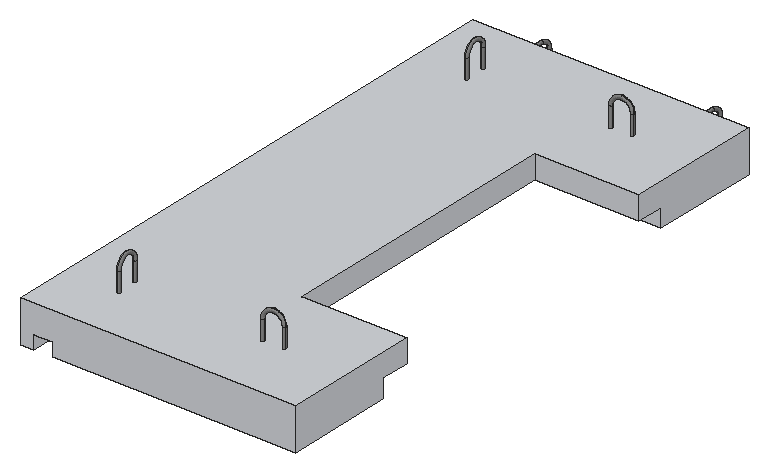
Revit family "110201-00007 Блок стеновой жб СБ-3-1", category Обобщенные модели, Revit 2019
Family settings
  Может служить основой для арматурных стержней = Нет
  Размер круглого соединителя = Использовать диаметр
  Тип детали = Нормальный
  На основе рабочей плоскости = Нет
  Всегда вертикально = Да
  При загрузке вырезать с полостями = Нет
  Общий = Нет
  Точка расчета площади = Нет
Parameters (values of type "Блок стеновой ж/б СБ-3-1")
  ADSK_Ширина блока = "160"
  ADSK_Ссылка на сайт = "https://www.ssd.ru/blok-stenovoy-zh-b-sb-3-1"
  ADSK_Сертификат соответствия = "https://www.ssd.ru/upload/iblock/ec0/sert_b25_0221.pdf"
  ADSK_Наименование = "Блок стеновой ж/б СБ-3-1"
  ADSK_Масса = "650"
  ADSK_Марка бетона = "В25"
  ADSK_Марка = "СБ-3-1"
  ADSK_Код изделия = "110201-00007"
  ADSK_Изготовитель = "АО СВЯЗЬСТРОЙДЕТАЛЬ"
  ADSK_Длина = 1050 mm
  ADSK_Высота [instance] = 2160 mm
Reference planes
  plane 1 "По центру (Вперед/Назад)": y = 0
  plane 2: z = 0
  plane 3 "По центру (Влево/Вправо)": x = 0
  plane 4: x = -1050
  plane 5: y = 1080
  plane 6: y = -1080
  plane 7: y = 665
  plane 8: y = -665
  plane 9: x = -650
  plane 10: x = -400
  plane 11: y = -550
Forms (mm)
  Extrusion 1, solid
    sketch origin (0, 0, 0) x (1, 0, 0) y (0, 0, 1)
      loop
        line (1050, -1.013) -> (1050, 158.987) -> (-1050, 158.987) -> (-1050, -1.013) -> (1050, -1.013)
    from -1080 to 1080
  Extrusion 2, void, detail levels medium+fine
    sketch origin (-250, 0, 0) x (1, 0, 0) y (0, 1, 0)
      loop
        line (-400, -665) -> (900, -665) -> (900, 665) -> (-400, 665) -> (-400, -665)
    from -29.606 to 70
  Extrusion 3, void, detail levels medium+fine
    sketch origin (0, 0, 0) x (1, 0, 0) y (0, 1, 0)
      loop
        line (-400, 560) -> (-400, -550) -> (400, -550) -> (400, 560) -> (-400, 560)
    from -29.606 to 158.987
  Extrusion 4, void
    sketch origin (0, 0, -108.983) x (0, 1, 0) y (-1, 0, 0)
      loop
        line (1080, -997.737) -> (1080, -926.221) -> (-1080, -926.221) -> (-1080, -997.737) -> (1080, -997.737)
    from 107.97 to 158.987
  Extrusion 5, void, detail levels medium+fine
    sketch origin (0, 0, -2.026) x (0, -1, 0) y (1, 0, 0)
      loop
        line (-1080, -997.737) -> (1080, -997.737) -> (1080, -926.221) -> (-1080, -926.221) -> (-1080, -997.737)
    from 1.013 to 52.026
  Sweep 6, solid, material "Новый материал (по умолчанию)", detail levels fine
    path origin (-849.253, 1057.632, -420.061) x (0.023631, -0.999721, 0) y (0, 0, -1)
      loop
        line (265.993, -579.048) -> (265.993, -654.048)
        arc (265.993, -654.048) -> (225.993, -694.048) -> (185.993, -654.048) r 40
        line (185.993, -654.048) -> (185.993, -579.048)
    profile origin (-842.968, 791.714, 196.487) x (0.023631, -0.999721, 0) y (0.999721, 0.023631, 0)
      loop
        circle (0, 0) r 6
  Sweep 7, solid, material "Новый материал (по умолчанию)", detail levels fine
    path origin (-856.428, 500.952, -146.026) x (0.023631, 0, 0.999721) y (0, -1, 0)
      loop
        line (265.993, -579.048) -> (265.993, -654.048)
        arc (265.993, -654.048) -> (225.993, -694.048) -> (185.993, -654.048) r 40
        line (185.993, -654.048) -> (185.993, -579.048)
    profile origin (-850.142, 1117.5, 119.892) x (0.023631, 0, 0.999721) y (0.999721, 0, -0.023631)
      loop
        circle (0, 0) r 6
  Extrusion 8, void
    sketch origin (0, 0, 0) x (1, 0, 0) y (0, 1, 0)
      loop
        line (0, 1080) -> (0, -1080) -> (1050, -1080) -> (1050, 1080) -> (0, 1080)
    from -29.606 to 250
  Sweep 9, solid, material "Новый материал (по умолчанию)", detail levels fine
    path origin (-57.99, 836.428, -420.061) x (-0.999721, -0.023631, 0) y (0, 0, -1)
      loop
        line (265.993, -579.048) -> (265.993, -654.048)
        arc (265.993, -654.048) -> (225.993, -694.048) -> (185.993, -654.048) r 40
        line (185.993, -654.048) -> (185.993, -579.048)
    profile origin (-323.908, 830.142, 196.487) x (-0.999721, -0.023631, 0) y (0.023631, -0.999721, 0)
      loop
        circle (0, 0) r 6
  Sweep 10, solid, material "Новый материал (по умолчанию)", detail levels fine
    path origin (-849.253, -602.651, -420.061) x (0.023631, -0.999721, 0) y (0, 0, -1)
      loop
        line (265.993, -579.048) -> (265.993, -654.048)
        arc (265.993, -654.048) -> (225.993, -694.048) -> (185.993, -654.048) r 40
        line (185.993, -654.048) -> (185.993, -579.048)
    profile origin (-842.968, -868.57, 196.487) x (0.023631, -0.999721, 0) y (0.999721, 0.023631, 0)
      loop
        circle (0, 0) r 6
  Sweep 11, solid, material "Новый материал (по умолчанию)", detail levels fine
    path origin (-57.99, -823.856, -420.061) x (-0.999721, -0.023631, 0) y (0, 0, -1)
      loop
        line (265.993, -579.048) -> (265.993, -654.048)
        arc (265.993, -654.048) -> (225.993, -694.048) -> (185.993, -654.048) r 40
        line (185.993, -654.048) -> (185.993, -579.048)
    profile origin (-323.908, -830.142, 196.487) x (-0.999721, -0.023631, 0) y (0.023631, -0.999721, 0)
      loop
        circle (0, 0) r 6
  Sweep 12, solid, material "Новый материал (по умолчанию)", detail levels fine
    path origin (-204.253, 500.952, -146.026) x (0.023631, 0, 0.999721) y (0, -1, 0)
      loop
        line (265.993, -579.048) -> (265.993, -654.048)
        arc (265.993, -654.048) -> (225.993, -694.048) -> (185.993, -654.048) r 40
        line (185.993, -654.048) -> (185.993, -579.048)
    profile origin (-197.968, 1117.5, 119.892) x (0.023631, 0, 0.999721) y (0.999721, 0, -0.023631)
      loop
        circle (0, 0) r 6
Cuts and joins
  Extrusion 2, Extrusion 3, Extrusion 4, Extrusion 5, Extrusion 8 cuts Extrusion 1
Lines and regions (mm)
  reference lines
    curve 1: line (0, -1080, 158.987) -> (0, -830, 158.987)
    curve 2: line (0, 1080, 0) -> (-200, 1080, 0)
Dimensions and locks
  "ADSK_Высота": plane 5 to plane 6
  equal spacing: plane 5, plane 1 "По центру (Вперед/Назад)", plane 6
  cut or joined group of Extrusion 1, Extrusion 2, Extrusion 3, Extrusion 4, Extrusion 5, Extrusion 8 to cut or joined group of Extrusion 1, Extrusion 2, Extrusion 3, Extrusion 4, Extrusion 5, Extrusion 8 = 160 mm
  "ADSK_Длина": plane 4 to plane 3 "По центру (Влево/Вправо)"
  aligned and locked: level to plane 2
  aligned and locked: Extrusion 2 to plane 7
  aligned and locked: plane 8 to Extrusion 2
  aligned and locked: Extrusion 2 to plane 9
  aligned and locked: Extrusion 3 to plane 11
  aligned and locked: Extrusion 3 to plane 10
Automatic sketch dimensions
  Extrusion 1 sketch curve to plane 4 = 0 mm
  level to Extrusion 1 sketch curve = 158.987 mm
  plane 3 "По центру (Влево/Вправо)" to Extrusion 1 sketch curve = 1050 mm
  Extrusion 1 sketch curve to level = 1.013 mm
  Extrusion 2 sketch curve to plane 7 = 0 mm
  Extrusion 2 sketch curve to plane 9 = 0 mm
  plane 8 to Extrusion 2 sketch curve = 0 mm
  plane 3 "По центру (Влево/Вправо)" to Extrusion 2 sketch curve = 650 mm
  curve 2 to plane 5 = 0 mm
  curve 2 to plane 3 "По центру (Влево/Вправо)" = 0 mm
  Extrusion 3 sketch curve to plane 10 = 0 mm
  Extrusion 3 sketch curve to plane 11 = 0 mm
  plane 3 "По центру (Влево/Вправо)" to Extrusion 3 sketch curve = 400 mm
  Extrusion 3 sketch curve to plane 7 = 105 mm
  plane 6 to Extrusion 4 sketch curve = 0 mm
  plane 5 to Extrusion 4 sketch curve = 0 mm
  plane 3 "По центру (Влево/Вправо)" to Extrusion 4 sketch curve = 997.737 mm
  Extrusion 4 sketch curve to Extrusion 4 sketch curve = 71.516 mm
  Extrusion 5 sketch curve to plane 5 = 0 mm
  Extrusion 5 sketch curve to plane 6 = 0 mm
  plane 4 to Extrusion 5 sketch curve = 52.263 mm
  Extrusion 5 sketch curve to Extrusion 5 sketch curve = 71.516 mm
  level to Sweep 6 sketch curve = 233.987 mm
  Sweep 6 sketch curve to Sweep 6 sketch curve = 40 mm
  Sweep 6 sketch curve to Sweep 6 sketch curve = 75 mm  (x2)
  Sweep 6 sketch curve to profile plane = 0 mm  (x2)
  curve 1 to plane 6 = 0 mm
  level to curve 1 = 158.987 mm
  plane 8 to curve 1 = 165 mm
  plane 5 to Sweep 7 sketch curve = 0 mm  (x2)
  plane 5 to Sweep 7 sketch curve = 75 mm
  Sweep 7 sketch curve to Sweep 7 sketch curve = 40 mm
  profile plane to Sweep 7 sketch curve = 0 mm
  Sweep 7 sketch curve to profile plane = 0 mm
  Extrusion 8 sketch curve to plane 3 "По центру (Влево/Вправо)" = 0 mm
  plane 6 to Extrusion 8 sketch curve = 0 mm
  plane 5 to Extrusion 8 sketch curve = 0 mm
  plane 3 "По центру (Влево/Вправо)" to Extrusion 8 sketch curve = 1050 mm
  level to Sweep 9 sketch curve = 233.987 mm
  Sweep 9 sketch curve to Sweep 9 sketch curve = 40 mm
  Sweep 9 sketch curve to Sweep 9 sketch curve = 75 mm  (x2)
  Sweep 9 sketch curve to profile plane = 0 mm
  profile plane to Sweep 9 sketch curve = 0 mm
  level to Sweep 10 sketch curve = 233.987 mm
  Sweep 10 sketch curve to Sweep 10 sketch curve = 40 mm
  Sweep 10 sketch curve to Sweep 10 sketch curve = 75 mm  (x2)
  Sweep 10 sketch curve to profile plane = 0 mm  (x2)
  level to Sweep 11 sketch curve = 233.987 mm
  Sweep 11 sketch curve to Sweep 11 sketch curve = 40 mm
  Sweep 11 sketch curve to Sweep 11 sketch curve = 75 mm  (x2)
  Sweep 11 sketch curve to profile plane = 0 mm
  profile plane to Sweep 11 sketch curve = 0 mm
  plane 5 to Sweep 12 sketch curve = 0 mm  (x2)
  plane 5 to Sweep 12 sketch curve = 75 mm
  Sweep 12 sketch curve to Sweep 12 sketch curve = 40 mm
  profile plane to Sweep 12 sketch curve = 0 mm
  Sweep 12 sketch curve to profile plane = 0 mm
  curve 2 to plane 3 "По центру (Влево/Вправо)" = 200 mm
  radius of Sweep 6 sketch curve = 6 mm
  radius of Sweep 7 sketch curve = 6 mm
  radius of Sweep 9 sketch curve = 6 mm
  radius of Sweep 10 sketch curve = 6 mm
  radius of Sweep 11 sketch curve = 6 mm
  radius of Sweep 12 sketch curve = 6 mm
